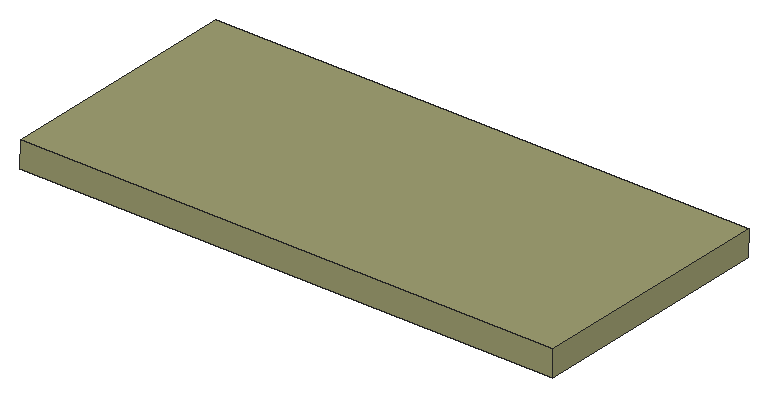
Revit family "Ecowool Brownie Roofwhite (16kgm3)", category Generic Models, host Face, Revit 2020
Family settings
  Host = Face
  Can host rebar = No
  Round Connector Dimension = Use Diameter
  Part Type = Normal
  Cut with Voids When Loaded = No
  Shared = No
  Room Calculation Point = No
Parameters (values of type "Roofwhite EWBL 2.35 (85mm)")
  Width [instance] = 800 mm
  URL = "www.ecowool.com.my"
  Type of Insulation = "Glass Mineral Wool Blanket"
  Thermal R value = 2.35
  Thermal K value = 0.0366
  Remarks = ""
  Material Specification = ""
  Manufacturer = "PGF Insulation Sdn. Bhd."
  Insulation Thickness = 85 mm
  Length(mm) [instance] = 1740 mm
  Finish = Brownie ROOFWHITE
  ECOWOOL Product thickness in mm = ""
  Description = "ECOWOOL Brownie blanket and slabs are resilient, non-combustible, glass mineral wool products, supplied at roofing and walling application for residential and commercial building"
  Density = 16.00 kg/m³
  Default Elevation = 1219.2 mm
Types (5, lengths in mm): name | Thermal R value | Insulation Thickness
  (no name) | 2.35 | 85
  Roofwhite EWBL 1.35 (50mm) | 1.35 | 50
  Roofwhite EWBL 2.00 (75mm) | 2 | 75
  Roofwhite EWBL 2.70 (100mm) | 2.7 | 100
  Roofwhite EWBL 2.35 (85mm) | 2.35 | 85
Reference planes
  plane 1 "Center (Front/Back)": y = 0
  plane 2: z = 0
  plane 3 "Center (Left/Right)": x = 0
  plane 4: x = 1740
  plane 5: y = -400
  plane 6: y = 400
Forms (mm)
  Sweep 1, solid, material "Brownie ROOFWHITE" <- "Finish"
    path origin (0, 0, 0) x (1, 0, 0) y (0, 1, 0)
      loop
        line (0, 0) -> (1740, 0)
    profile origin (870, 0, 0) x (0, 1, 0) y (0, 0, 1)
      loop
        line (-400, 85) -> (-400, 0) -> (400, 0) -> (400, 85) -> (-400, 85)
Lines and regions (mm)
  reference lines
    curve 1: line (0, 0, 0) -> (1740, 0, 0)
Dimensions and locks
  "Width": plane 5 to plane 6
  equal spacing: plane 5, plane 1 "Center (Front/Back)", plane 6
  "Length(mm)": plane 3 "Center (Left/Right)" to plane 4
  "Insulation Thickness": host face to Sweep 1 sketch curve
  aligned and locked: plane 2 to host face
  aligned and locked: level to host face
  aligned and locked: plane 3 "Center (Left/Right)" to curve 1
  aligned and locked: plane 4 to curve 1
  aligned and locked: plane 3 "Center (Left/Right)" to Sweep 1 sketch curve
  aligned and locked: plane 4 to Sweep 1 sketch curve
  aligned and locked: level to Sweep 1 sketch curve
  aligned and locked: plane 6 to Sweep 1 sketch curve
  aligned and locked: Sweep 1 sketch curve to plane 5
Automatic sketch dimensions
  host sketch curve to host sketch curve = 1616.306 mm
  host sketch curve to host sketch curve = 2438.4 mm
  plane 1 "Center (Front/Back)" to curve 1 = 0 mm
  plane 1 "Center (Front/Back)" to Sweep 1 sketch curve = 0 mm
